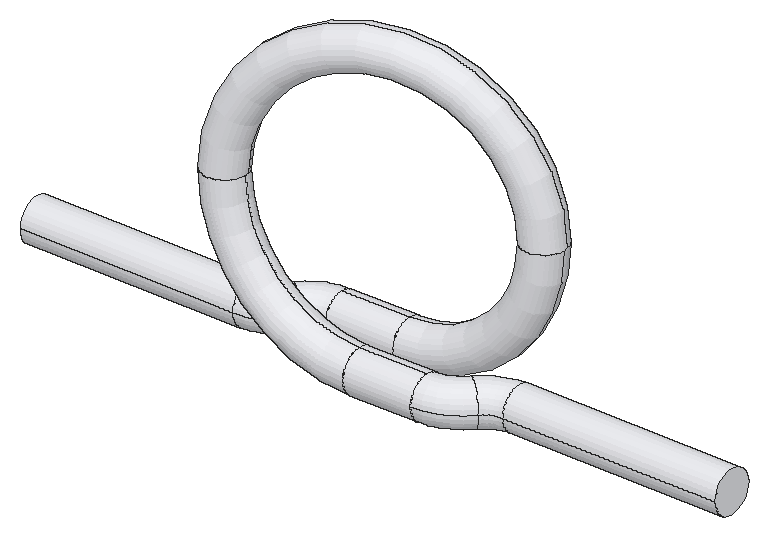
Revit family "PF_Соединение [фитинг полипропиленовый - компенсатор VTp.794.0]1 - VALTEC", category Соединительные детали трубопроводов, Revit 2019
Family settings
  Размер круглого соединителя = Использовать диаметр
  Тип детали = Соединение
  На основе рабочей плоскости = Нет
  Всегда вертикально = Да
  При загрузке вырезать с полостями = Нет
  Общий = Нет
Parameters (values of type "VTp.794.0")
  Таблица = "PF_Соединение [фитинг полипропиленовый - компенсатор VTp.794.0] - VALTEC"  # constant formula
  built-in parameter 1114238 [instance] = (empty or 0)
  Компенсирующая способность [instance] = 30 mm  # constant formula
  Manufacturer = ""
  r3 [instance] = size_lookup(Таблица, "r3", 0 mm, d)  # 21.4 mm
  r2 [instance] = size_lookup(Таблица, "r2", 0 mm, d)  # 66.7 mm
  l2 [instance] = d / 2 + 5 mm  # 15 mm
  r1 [instance] = size_lookup(Таблица, "r1", 0 mm, d)  # 65 mm
  dn [instance] = size_lookup(Таблица, "dn", 0 mm, d)  # 26.8 mm
  dt [instance] = size_lookup(Таблица, "dt", 0 mm, d)  # 3.4 mm
  d [instance] = 20 mm
  URL = "https://valtec.ru/"
  D [instance] = size_lookup(Таблица, "D", 0 mm, d)  # 130 mm
  ADSK_Примечание [instance] = ""
  ADSK_Позиция [instance] = ""
  ADSK_Обозначение [instance] = "VTp.794.0"  # constant formula
  ADSK_Наименование [instance] = size_lookup(Таблица, "", "Данный типоразмер отсутствует", d)  # "Компенсатор полипропиленовый, 20 мм"
  ADSK_Материал = Пластик белый - VALTEC
  ADSK_Масса [instance] = size_lookup(Таблица, "Масса", 0, d)  # 0.13
  ADSK_Марка [instance] = size_lookup(Таблица, "Маркировка", "Данный типоразмер отсутствует", d)  # "20"
  ADSK_Код изделия [instance] = size_lookup(Таблица, "Код продукта", "Данный типоразмер отсутствует", d)  # "VTp.794.0.020"
  ADSK_Завод-изготовитель [instance] = "VALTEC"  # constant formula
  ADSK_Единица измерения [instance] = "шт."  # constant formula
  ADSK_URL страницы изделия = "https://valtec.ru/catalog/sistemy_polipropilenovyh_truboprovodov/polipropilenovye_fitingi/kompensator_polipropilenovyj_vtp7940.html"
  ADSK_URL документации изделия = "https://valtec.ru/document/technical/VTp.700-fitingi-0419.pdf"
  A [instance] = size_lookup(Таблица, "A", 0 mm, d)  # 335 mm
Reference planes
  plane 1 "По центру (Вперед/Назад)": y = 0
  plane 2: z = 0
  plane 3 "По центру (Влево/Вправо)": x = 0
  plane 4: x = -167.5
  plane 5: x = 167.5
  plane 6: z = 130
  plane 7: x = -65
  plane 8: x = 65
  plane 9: z = 65
  plane 10 "2": y = 15
  plane 11 "1": y = -15
  plane 12: x = -32.5
  plane 13: x = 32.5
  plane 14: y = -7.5
  plane 15: y = 7.5
  plane 16: x = -48.75
  plane 17: x = 48.75
Forms (mm)
  Sweep 1, solid, material "Пластик белый - VALTEC" <- "ADSK_Материал", detail levels medium+fine
    path in 3D
      loop
        arc (-65, -15, 65) -> (-45.962, -15, 19.038) -> (0, -15, 0) r 65
        line (0, -15, 0) -> (32.5, -15, 0)
    profile origin (16.25, -15, 0) x (0, 0, -1) y (0, 1, 0)
      loop
        circle (0, 0) r 10
  Sweep 2, solid, material "Пластик белый - VALTEC" <- "ADSK_Материал", detail levels medium+fine
    path in 3D
      loop
        arc (65, 15, 65) -> (45.962, 15, 19.038) -> (0, 15, 0) r 65
        line (0, 15, 0) -> (-32.5, 15, 0)
    profile origin (-16.25, 15, 0) x (0, 0, -1) y (0, -1, 0)
      loop
        circle (0, 0) r 10
  Sweep 3, solid, material "Пластик белый - VALTEC" <- "ADSK_Материал", detail levels medium+fine
    path in 3D
      loop
        arc (-65, -15, 65) -> (-0.008, -0.002, 131.7) -> (64.984, 14.996, 65) r 66.7
    profile origin (-0.008, -0.002, 131.7) x (0, 0, 1) y (0.22486, -0.974391, 0)
      loop
        circle (0, -0.032) r 10
  Sweep 4, solid, material "Пластик белый - VALTEC" <- "ADSK_Материал", detail levels medium+fine
    path in 3D
      loop
        line (-167.5, 0, 0) -> (-65, 0, 0)
        arc (-65, 0, 0) -> (-56.051, 1.965, 0) -> (-48.75, 7.5, 0) r 21.354
        arc (-48.75, 7.5, 0) -> (-41.449, 13.035, 0) -> (-32.5, 15, 0) r 21.354
    profile origin (-116.25, 0, 0) x (0, 1, 0) y (0, 0, 1)
      loop
        circle (0, 0) r 10
  Sweep 5, solid, material "Пластик белый - VALTEC" <- "ADSK_Материал", detail levels medium+fine
    path in 3D
      loop
        line (167.5, 0, 0) -> (65, 0, 0)
        arc (65, 0, 0) -> (56.051, -1.965, 0) -> (48.75, -7.5, 0) r 21.354
        arc (48.75, -7.5, 0) -> (41.449, -13.035, 0) -> (32.5, -15, 0) r 21.354
    profile origin (116.25, 0, 0) x (0, -1, 0) y (0, 0, 1)
      loop
        circle (0, 0) r 10
Cuts and joins
  joined: Sweep 1, Sweep 5
  joined: Sweep 2, Sweep 4
Lines and regions (mm)
  model lines, detail levels coarse
    curve 1: arc (0, 15, 0) -> (45.962, 15, 19.038) -> (65, 15, 65) r 65
    curve 2: line (0, 15, 0) -> (-32.5, 15, 0)
    curve 3: arc (-65, -15, 65) -> (-45.962, -15, 19.038) -> (0, -15, 0) r 65
    curve 4: line (0, -15, 0) -> (32.5, -15, 0)
    curve 6: arc (-65, -15, 65) -> (-0.008, -0.002, 131.7) -> (64.984, 14.996, 65) r 66.7
    curve 12: arc (-65, 0, 0) -> (-56.051, 1.965, 0) -> (-48.75, 7.5, 0) r 21.354
    curve 13: arc (-48.75, 7.5, 0) -> (-41.449, 13.035, 0) -> (-32.5, 15, 0) r 21.354
    curve 14: line (-167.5, 0, 0) -> (-65, 0, 0)
    curve 15: line (167.5, 0, 0) -> (65, 0, 0)
    curve 19: arc (65, 0, 0) -> (56.051, -1.965, 0) -> (48.75, -7.5, 0) r 21.354
    curve 20: arc (48.75, -7.5, 0) -> (41.449, -13.035, 0) -> (32.5, -15, 0) r 21.354
  reference lines
    curve 5: line (-65, -15, 65) -> (65, 15, 65)
  sketch lines
    curve 7: line (0, -15, 0) -> (32.5, -15, 0)
    curve 8: arc (-65, -15, 65) -> (-45.962, -15, 19.038) -> (0, -15, 0) r 65
    curve 9: line (0, 15, 0) -> (-32.5, 15, 0)
    curve 10: arc (0, 15, 0) -> (45.962, 15, 19.038) -> (65, 15, 65) r 65
    curve 11: arc (-65, -15, 65) -> (-0.008, -0.002, 131.7) -> (64.984, 14.996, 65) r 66.7
    curve 16: line (-167.5, 0, 0) -> (-65, 0, 0)
    curve 17: arc (-65, 0, 0) -> (-56.051, 1.965, 0) -> (-48.75, 7.5, 0) r 21.354
    curve 18: arc (-48.75, 7.5, 0) -> (-41.449, 13.035, 0) -> (-32.5, 15, 0) r 21.354
    curve 21: line (167.5, 0, 0) -> (65, 0, 0)
    curve 22: arc (65, 0, 0) -> (56.051, -1.965, 0) -> (48.75, -7.5, 0) r 21.354
    curve 23: arc (48.75, -7.5, 0) -> (41.449, -13.035, 0) -> (32.5, -15, 0) r 21.354
Dimensions and locks
  equal spacing: plane 4, plane 3 "По центру (Влево/Вправо)", plane 5
  "A": plane 4 to plane 5
  "r1": plane 7 to plane 3 "По центру (Влево/Вправо)" to plane 8
  "D": plane 6 to plane 2
  equal spacing: plane 6, plane 9, plane 2
  "l2": plane 10 "2" to plane 1 "По центру (Вперед/Назад)"
  "l2": plane 1 "По центру (Вперед/Назад)" to plane 11 "1"
  equal spacing: plane 7, plane 12, plane 3 "По центру (Влево/Вправо)"
  equal spacing: plane 3 "По центру (Влево/Вправо)", plane 13, plane 8
  equal spacing: plane 10 "2", plane 15, plane 1 "По центру (Вперед/Назад)"
  equal spacing: plane 1 "По центру (Вперед/Назад)", plane 14, plane 11 "1"
  equal spacing: plane 7, plane 16, plane 12
  equal spacing: plane 13, plane 17, plane 8
  "r1": radius of curve 1
  "r1": radius of curve 3
  "r2": radius of curve 6
  "d": diameter of Sweep 1 sketch curve
  "d": diameter of Sweep 2 sketch curve
  "d": diameter of Sweep 3 sketch curve
  "d": diameter of Sweep 4 sketch curve
  "d": diameter of Sweep 5 sketch curve
  aligned and locked: level to plane 2
  aligned and locked: plane 9 to curve 1
  aligned and locked: plane 3 "По центру (Влево/Вправо)" to curve 1
  aligned and locked: plane 12 to curve 2
  aligned and locked: plane 3 "По центру (Влево/Вправо)" to curve 3
  aligned and locked: plane 9 to curve 3
  aligned and locked: plane 13 to curve 4
  aligned and locked: plane 7 to curve 3
  aligned and locked: plane 11 "1" to curve 3
  aligned and locked: plane 8 to curve 1
  aligned and locked: plane 10 "2" to curve 1  (x2)
  aligned and locked: plane 8 to curve 5
  aligned and locked: plane 10 "2" to curve 5
  aligned and locked: plane 7 to curve 5
  aligned and locked: plane 11 "1" to curve 5
  aligned and locked: curve 5 to plane 9
  aligned and locked: curve 5 to curve 6
  aligned and locked: profile plane to Sweep 1 sketch curve  (x2)
  aligned and locked: profile plane to Sweep 2 sketch curve  (x2)
  aligned and locked: profile plane to Sweep 3 sketch curve
  aligned and locked: plane 7 to curve 12
  aligned and locked: plane 12 to curve 13
  aligned and locked: plane 10 "2" to curve 13
  aligned and locked: curve 2 to plane 10 "2"
  aligned and locked: plane 1 "По центру (Вперед/Назад)" to curve 14
  aligned and locked: plane 4 to curve 14
  aligned and locked: plane 5 to curve 15
  aligned and locked: plane 8 to curve 15
  aligned and locked: curve 15 to plane 1 "По центру (Вперед/Назад)"
  aligned and locked: profile plane to Sweep 4 sketch curve  (x2)
  aligned and locked: profile plane to Sweep 5 sketch curve  (x2)
  aligned and locked: plane 13 to curve 20
  aligned and locked: plane 11 "1" to curve 20
  aligned and locked: plane 1 "По центру (Вперед/Назад)" to curve 19
Automatic sketch dimensions
  curve 6 to curve 5 = 0 mm  (x2)
  Sweep 3 sketch curve to profile plane = 0.032 mm
  plane 15 to curve 13 = 0 mm
  curve 13 to plane 16 = 0 mm
  curve 19 to plane 17 = 0 mm
  curve 20 to plane 17 = 0 mm
Connectors
  piping at (-167.5, 0, 0), diameter 20
    settings: on cut or joined group of Sweep 2, Sweep 4, index 1, connector inside diameter 609.6 mm, connector length 0 mm, flow factor 0, pipe flow 0.0 L/s, pressure drop 0.0 Pa, fitting loss kfactor 0, connector angle 0.00°, fixture units 0, engagement length 0 mm, angle of deflection 0.00°, flow configuration 0, flow direction 0, fitting loss method 0, system type 28, joint type 0, gender type 0, connector reference index 2, connector utility 0, adjustable connector no, is connector primary yes, connector description ""
  piping at (167.5, 0, 0), diameter 20
    settings: on cut or joined group of Sweep 1, Sweep 5, index 2, connector inside diameter 609.6 mm, connector length 0 mm, flow factor 0, pipe flow 0.0 L/s, pressure drop 0.0 Pa, fitting loss kfactor 0, connector angle 0.00°, fixture units 0, engagement length 0 mm, angle of deflection 0.00°, flow configuration 0, flow direction 0, fitting loss method 0, system type 28, joint type 0, gender type 0, connector reference index 1, connector utility 0, adjustable connector no, is connector primary no, connector description ""
